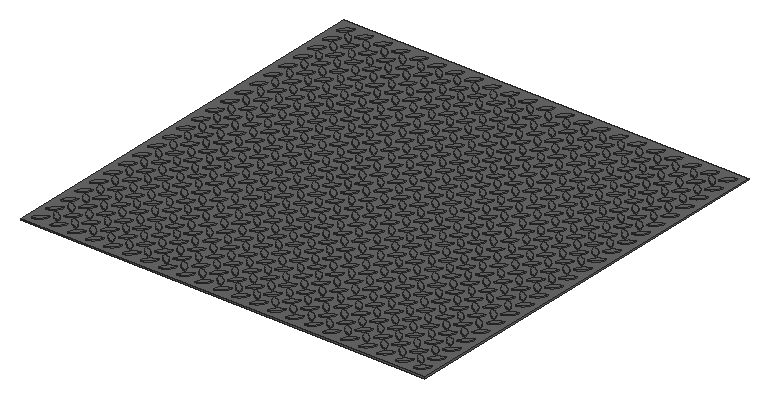
Revit family "141012021113804", category Modelos genéricos, Revit 2018 (continued)
Forms (mm)
  Blend 183, solid, material "Goma negro" <- "Material", detail levels fine
    base sketch origin (403.555, 485.994, 0) x (0.707107, -0.707107, 0) y (0.707107, 0.707107, 0)
      loop
        arc (794.539, -290.22) -> (793.684, -289.773) -> (792.83, -290.22) r 1.041
    top sketch origin (403.555, 485.994, 0) x (0.707107, -0.707107, 0) y (0.707107, 0.707107, 0)
      loop
        arc (792.83, -290.22) -> (787.479, -307.273) -> (792.83, -324.327) r 29.852
        arc (792.83, -324.327) -> (793.684, -324.773) -> (794.539, -324.327) r 1.041
        arc (794.539, -324.327) -> (799.889, -307.273) -> (794.539, -290.22) r 29.852
        arc (794.539, -290.22) -> (793.684, -289.773) -> (792.83, -290.22) r 1.041
    from 0 to 1
  Blend 184, solid, material "Goma negro" <- "Material", detail levels fine
    base sketch origin (1548.494, 73.945, 0) x (-0.707107, -0.707107, 0) y (0.707107, -0.707107, 0)
      loop
        arc (792.83, -290.22) -> (787.479, -307.273) -> (792.83, -324.327) r 29.852
        arc (792.83, -324.327) -> (793.684, -324.773) -> (794.539, -324.327) r 1.041
        arc (794.539, -324.327) -> (799.889, -307.273) -> (794.539, -290.22) r 29.852
        arc (794.539, -290.22) -> (793.684, -289.773) -> (792.83, -290.22) r 1.041
    top sketch origin (1548.494, 73.945, 0) x (-0.707107, -0.707107, 0) y (0.707107, -0.707107, 0)
      loop
        arc (792.83, -290.22) -> (787.479, -307.273) -> (792.83, -324.327) r 29.852
        arc (792.83, -324.327) -> (793.684, -324.773) -> (794.539, -324.327) r 1.041
        arc (794.539, -324.327) -> (799.889, -307.273) -> (794.539, -290.22) r 29.852
        arc (794.539, -290.22) -> (793.684, -289.773) -> (792.83, -290.22) r 1.041
    from 0 to 1
  Blend 185, solid, material "Goma negro" <- "Material", detail levels fine
    base sketch origin (358.555, 485.994, 0) x (0.707107, -0.707107, 0) y (0.707107, 0.707107, 0)
      loop
        arc (792.83, -290.22) -> (787.479, -307.273) -> (792.83, -324.327) r 29.852
        arc (792.83, -324.327) -> (793.684, -324.773) -> (794.539, -324.327) r 1.041
        arc (794.539, -324.327) -> (799.889, -307.273) -> (794.539, -290.22) r 29.852
        arc (794.539, -290.22) -> (793.684, -289.773) -> (792.83, -290.22) r 1.041
    top sketch origin (358.555, 485.994, 0) x (0.707107, -0.707107, 0) y (0.707107, 0.707107, 0)
      loop
        arc (792.83, -290.22) -> (787.479, -307.273) -> (792.83, -324.327) r 29.852
        arc (792.83, -324.327) -> (793.684, -324.773) -> (794.539, -324.327) r 1.041
        arc (794.539, -324.327) -> (799.889, -307.273) -> (794.539, -290.22) r 29.852
        arc (794.539, -290.22) -> (793.684, -289.773) -> (792.83, -290.22) r 1.041
    from 0 to 1
  Blend 186, solid, material "Goma negro" <- "Material", detail levels fine
    base sketch origin (1503.494, 73.945, 0) x (-0.707107, -0.707107, 0) y (0.707107, -0.707107, 0)
      loop
        arc (792.83, -290.22) -> (787.479, -307.273) -> (792.83, -324.327) r 29.852
        arc (792.83, -324.327) -> (793.684, -324.773) -> (794.539, -324.327) r 1.041
        arc (794.539, -324.327) -> (799.889, -307.273) -> (794.539, -290.22) r 29.852
        arc (794.539, -290.22) -> (793.684, -289.773) -> (792.83, -290.22) r 1.041
    top sketch origin (1503.494, 73.945, 0) x (-0.707107, -0.707107, 0) y (0.707107, -0.707107, 0)
      loop
        arc (792.83, -290.22) -> (787.479, -307.273) -> (792.83, -324.327) r 29.852
        arc (792.83, -324.327) -> (793.684, -324.773) -> (794.539, -324.327) r 1.041
        arc (794.539, -324.327) -> (799.889, -307.273) -> (794.539, -290.22) r 29.852
        arc (794.539, -290.22) -> (793.684, -289.773) -> (792.83, -290.22) r 1.041
    from 0 to 1
  Blend 187, solid, material "Goma negro" <- "Material", detail levels fine
    base sketch origin (313.555, 485.994, 0) x (0.707107, -0.707107, 0) y (0.707107, 0.707107, 0)
      loop
        arc (792.83, -290.22) -> (787.479, -307.273) -> (792.83, -324.327) r 29.852
        arc (792.83, -324.327) -> (793.684, -324.773) -> (794.539, -324.327) r 1.041
        arc (794.539, -324.327) -> (799.889, -307.273) -> (794.539, -290.22) r 29.852
        arc (794.539, -290.22) -> (793.684, -289.773) -> (792.83, -290.22) r 1.041
    top sketch origin (313.555, 485.994, 0) x (0.707107, -0.707107, 0) y (0.707107, 0.707107, 0)
      loop
        arc (792.83, -290.22) -> (787.479, -307.273) -> (792.83, -324.327) r 29.852
        arc (792.83, -324.327) -> (793.684, -324.773) -> (794.539, -324.327) r 1.041
        arc (794.539, -324.327) -> (799.889, -307.273) -> (794.539, -290.22) r 29.852
        arc (794.539, -290.22) -> (793.684, -289.773) -> (792.83, -290.22) r 1.041
    from 0 to 1
  Blend 188, solid, material "Goma negro" <- "Material", detail levels fine
    base sketch origin (1458.494, 73.945, 0) x (-0.707107, -0.707107, 0) y (0.707107, -0.707107, 0)
      loop
        arc (792.83, -290.22) -> (787.479, -307.273) -> (792.83, -324.327) r 29.852
        arc (792.83, -324.327) -> (793.684, -324.773) -> (794.539, -324.327) r 1.041
        arc (794.539, -324.327) -> (799.889, -307.273) -> (794.539, -290.22) r 29.852
        arc (794.539, -290.22) -> (793.684, -289.773) -> (792.83, -290.22) r 1.041
    top sketch origin (1458.494, 73.945, 0) x (-0.707107, -0.707107, 0) y (0.707107, -0.707107, 0)
      loop
        arc (792.83, -290.22) -> (787.479, -307.273) -> (792.83, -324.327) r 29.852
        arc (792.83, -324.327) -> (793.684, -324.773) -> (794.539, -324.327) r 1.041
        arc (794.539, -324.327) -> (799.889, -307.273) -> (794.539, -290.22) r 29.852
        arc (794.539, -290.22) -> (793.684, -289.773) -> (792.83, -290.22) r 1.041
    from 0 to 1
  Blend 189, solid, material "Goma negro" <- "Material", detail levels fine
    base sketch origin (268.555, 485.994, 0) x (0.707107, -0.707107, 0) y (0.707107, 0.707107, 0)
      loop
        arc (792.83, -290.22) -> (787.479, -307.273) -> (792.83, -324.327) r 29.852
        arc (792.83, -324.327) -> (793.684, -324.773) -> (794.539, -324.327) r 1.041
        arc (794.539, -324.327) -> (799.889, -307.273) -> (794.539, -290.22) r 29.852
        arc (794.539, -290.22) -> (793.684, -289.773) -> (792.83, -290.22) r 1.041
    top sketch origin (268.555, 485.994, 0) x (0.707107, -0.707107, 0) y (0.707107, 0.707107, 0)
      loop
        arc (792.83, -290.22) -> (787.479, -307.273) -> (792.83, -324.327) r 29.852
        arc (792.83, -324.327) -> (793.684, -324.773) -> (794.539, -324.327) r 1.041
        arc (794.539, -324.327) -> (799.889, -307.273) -> (794.539, -290.22) r 29.852
        arc (794.539, -290.22) -> (793.684, -289.773) -> (792.83, -290.22) r 1.041
    from 0 to 1
  Blend 190, solid, material "Goma negro" <- "Material", detail levels fine
    base sketch origin (1413.494, 73.945, 0) x (-0.707107, -0.707107, 0) y (0.707107, -0.707107, 0)
      loop
        arc (792.83, -290.22) -> (787.479, -307.273) -> (792.83, -324.327) r 29.852
        arc (792.83, -324.327) -> (793.684, -324.773) -> (794.539, -324.327) r 1.041
        arc (794.539, -324.327) -> (799.889, -307.273) -> (794.539, -290.22) r 29.852
        arc (794.539, -290.22) -> (793.684, -289.773) -> (792.83, -290.22) r 1.041
    top sketch origin (1413.494, 73.945, 0) x (-0.707107, -0.707107, 0) y (0.707107, -0.707107, 0)
      loop
        arc (792.83, -290.22) -> (787.479, -307.273) -> (792.83, -324.327) r 29.852
        arc (792.83, -324.327) -> (793.684, -324.773) -> (794.539, -324.327) r 1.041
        arc (794.539, -324.327) -> (799.889, -307.273) -> (794.539, -290.22) r 29.852
        arc (794.539, -290.22) -> (793.684, -289.773) -> (792.83, -290.22) r 1.041
    from 0 to 1
  Blend 191, solid, material "Goma negro" <- "Material", detail levels fine
    base sketch origin (223.555, 485.994, 0) x (0.707107, -0.707107, 0) y (0.707107, 0.707107, 0)
      loop
        arc (792.83, -290.22) -> (787.479, -307.273) -> (792.83, -324.327) r 29.852
        arc (792.83, -324.327) -> (793.684, -324.773) -> (794.539, -324.327) r 1.041
        arc (794.539, -324.327) -> (799.889, -307.273) -> (794.539, -290.22) r 29.852
        arc (794.539, -290.22) -> (793.684, -289.773) -> (792.83, -290.22) r 1.041
    top sketch origin (223.555, 485.994, 0) x (0.707107, -0.707107, 0) y (0.707107, 0.707107, 0)
      loop
        arc (792.83, -290.22) -> (787.479, -307.273) -> (792.83, -324.327) r 29.852
        arc (792.83, -324.327) -> (793.684, -324.773) -> (794.539, -324.327) r 1.041
        arc (794.539, -324.327) -> (799.889, -307.273) -> (794.539, -290.22) r 29.852
        arc (794.539, -290.22) -> (793.684, -289.773) -> (792.83, -290.22) r 1.041
    from 0 to 1
  Blend 192, solid, material "Goma negro" <- "Material", detail levels fine
    base sketch origin (1368.494, 73.945, 0) x (-0.707107, -0.707107, 0) y (0.707107, -0.707107, 0)
      loop
        arc (792.83, -290.22) -> (787.479, -307.273) -> (792.83, -324.327) r 29.852
        arc (792.83, -324.327) -> (793.684, -324.773) -> (794.539, -324.327) r 1.041
        arc (794.539, -324.327) -> (799.889, -307.273) -> (794.539, -290.22) r 29.852
        arc (794.539, -290.22) -> (793.684, -289.773) -> (792.83, -290.22) r 1.041
    top sketch origin (1368.494, 73.945, 0) x (-0.707107, -0.707107, 0) y (0.707107, -0.707107, 0)
      loop
        arc (792.83, -290.22) -> (787.479, -307.273) -> (792.83, -324.327) r 29.852
        arc (792.83, -324.327) -> (793.684, -324.773) -> (794.539, -324.327) r 1.041
        arc (794.539, -324.327) -> (799.889, -307.273) -> (794.539, -290.22) r 29.852
        arc (794.539, -290.22) -> (793.684, -289.773) -> (792.83, -290.22) r 1.041
    from 0 to 1
  Blend 193, solid, material "Goma negro" <- "Material", detail levels fine
    base sketch origin (178.555, 485.994, 0) x (0.707107, -0.707107, 0) y (0.707107, 0.707107, 0)
      loop
        arc (792.83, -290.22) -> (787.479, -307.273) -> (792.83, -324.327) r 29.852
        arc (792.83, -324.327) -> (793.684, -324.773) -> (794.539, -324.327) r 1.041
        arc (794.539, -324.327) -> (799.889, -307.273) -> (794.539, -290.22) r 29.852
        arc (794.539, -290.22) -> (793.684, -289.773) -> (792.83, -290.22) r 1.041
    top sketch origin (178.555, 485.994, 0) x (0.707107, -0.707107, 0) y (0.707107, 0.707107, 0)
      loop
        arc (792.83, -290.22) -> (787.479, -307.273) -> (792.83, -324.327) r 29.852
        arc (792.83, -324.327) -> (793.684, -324.773) -> (794.539, -324.327) r 1.041
        arc (794.539, -324.327) -> (799.889, -307.273) -> (794.539, -290.22) r 29.852
        arc (794.539, -290.22) -> (793.684, -289.773) -> (792.83, -290.22) r 1.041
    from 0 to 1
  Blend 194, solid, material "Goma negro" <- "Material", detail levels fine
    base sketch origin (1323.494, 73.945, 0) x (-0.707107, -0.707107, 0) y (0.707107, -0.707107, 0)
      loop
        arc (792.83, -290.22) -> (787.479, -307.273) -> (792.83, -324.327) r 29.852
        arc (792.83, -324.327) -> (793.684, -324.773) -> (794.539, -324.327) r 1.041
        arc (794.539, -324.327) -> (799.889, -307.273) -> (794.539, -290.22) r 29.852
        arc (794.539, -290.22) -> (793.684, -289.773) -> (792.83, -290.22) r 1.041
    top sketch origin (1323.494, 73.945, 0) x (-0.707107, -0.707107, 0) y (0.707107, -0.707107, 0)
      loop
        arc (792.83, -290.22) -> (787.479, -307.273) -> (792.83, -324.327) r 29.852
        arc (792.83, -324.327) -> (793.684, -324.773) -> (794.539, -324.327) r 1.041
        arc (794.539, -324.327) -> (799.889, -307.273) -> (794.539, -290.22) r 29.852
        arc (794.539, -290.22) -> (793.684, -289.773) -> (792.83, -290.22) r 1.041
    from 0 to 1
  Blend 195, solid, material "Goma negro" <- "Material", detail levels fine
    base sketch origin (133.555, 485.994, 0) x (0.707107, -0.707107, 0) y (0.707107, 0.707107, 0)
      loop
        arc (792.83, -290.22) -> (787.479, -307.273) -> (792.83, -324.327) r 29.852
        arc (792.83, -324.327) -> (793.684, -324.773) -> (794.539, -324.327) r 1.041
        arc (794.539, -324.327) -> (799.889, -307.273) -> (794.539, -290.22) r 29.852
        arc (794.539, -290.22) -> (793.684, -289.773) -> (792.83, -290.22) r 1.041
    top sketch origin (133.555, 485.994, 0) x (0.707107, -0.707107, 0) y (0.707107, 0.707107, 0)
      loop
        arc (792.83, -290.22) -> (787.479, -307.273) -> (792.83, -324.327) r 29.852
        arc (792.83, -324.327) -> (793.684, -324.773) -> (794.539, -324.327) r 1.041
        arc (794.539, -324.327) -> (799.889, -307.273) -> (794.539, -290.22) r 29.852
        arc (794.539, -290.22) -> (793.684, -289.773) -> (792.83, -290.22) r 1.041
    from 0 to 1
  Blend 196, solid, material "Goma negro" <- "Material", detail levels fine
    base sketch origin (1278.494, 73.945, 0) x (-0.707107, -0.707107, 0) y (0.707107, -0.707107, 0)
      loop
        arc (792.83, -290.22) -> (787.479, -307.273) -> (792.83, -324.327) r 29.852
        arc (792.83, -324.327) -> (793.684, -324.773) -> (794.539, -324.327) r 1.041
        arc (794.539, -324.327) -> (799.889, -307.273) -> (794.539, -290.22) r 29.852
        arc (794.539, -290.22) -> (793.684, -289.773) -> (792.83, -290.22) r 1.041
    top sketch origin (1278.494, 73.945, 0) x (-0.707107, -0.707107, 0) y (0.707107, -0.707107, 0)
      loop
        arc (792.83, -290.22) -> (787.479, -307.273) -> (792.83, -324.327) r 29.852
        arc (792.83, -324.327) -> (793.684, -324.773) -> (794.539, -324.327) r 1.041
        arc (794.539, -324.327) -> (799.889, -307.273) -> (794.539, -290.22) r 29.852
        arc (794.539, -290.22) -> (793.684, -289.773) -> (792.83, -290.22) r 1.041
    from 0 to 1
  Blend 197, solid, material "Goma negro" <- "Material", detail levels fine
    base sketch origin (88.555, 485.994, 0) x (0.707107, -0.707107, 0) y (0.707107, 0.707107, 0)
      loop
        arc (792.83, -290.22) -> (787.479, -307.273) -> (792.83, -324.327) r 29.852
        arc (792.83, -324.327) -> (793.684, -324.773) -> (794.539, -324.327) r 1.041
        arc (794.539, -324.327) -> (799.889, -307.273) -> (794.539, -290.22) r 29.852
        arc (794.539, -290.22) -> (793.684, -289.773) -> (792.83, -290.22) r 1.041
    top sketch origin (88.555, 485.994, 0) x (0.707107, -0.707107, 0) y (0.707107, 0.707107, 0)
      loop
        arc (792.83, -290.22) -> (787.479, -307.273) -> (792.83, -324.327) r 29.852
        arc (792.83, -324.327) -> (793.684, -324.773) -> (794.539, -324.327) r 1.041
        arc (794.539, -324.327) -> (799.889, -307.273) -> (794.539, -290.22) r 29.852
        arc (794.539, -290.22) -> (793.684, -289.773) -> (792.83, -290.22) r 1.041
    from 0 to 1
  Blend 198, solid, material "Goma negro" <- "Material", detail levels fine
    base sketch origin (1233.494, 73.945, 0) x (-0.707107, -0.707107, 0) y (0.707107, -0.707107, 0)
      loop
        arc (792.83, -290.22) -> (787.479, -307.273) -> (792.83, -324.327) r 29.852
        arc (792.83, -324.327) -> (793.684, -324.773) -> (794.539, -324.327) r 1.041
        arc (794.539, -324.327) -> (799.889, -307.273) -> (794.539, -290.22) r 29.852
        arc (794.539, -290.22) -> (793.684, -289.773) -> (792.83, -290.22) r 1.041
    top sketch origin (1233.494, 73.945, 0) x (-0.707107, -0.707107, 0) y (0.707107, -0.707107, 0)
      loop
        arc (792.83, -290.22) -> (787.479, -307.273) -> (792.83, -324.327) r 29.852
        arc (792.83, -324.327) -> (793.684, -324.773) -> (794.539, -324.327) r 1.041
        arc (794.539, -324.327) -> (799.889, -307.273) -> (794.539, -290.22) r 29.852
        arc (794.539, -290.22) -> (793.684, -289.773) -> (792.83, -290.22) r 1.041
    from 0 to 1
  Blend 199, solid, material "Goma negro" <- "Material", detail levels fine
    base sketch origin (43.555, 485.994, 0) x (0.707107, -0.707107, 0) y (0.707107, 0.707107, 0)
      loop
        arc (792.83, -290.22) -> (787.479, -307.273) -> (792.83, -324.327) r 29.852
        arc (792.83, -324.327) -> (793.684, -324.773) -> (794.539, -324.327) r 1.041
        arc (794.539, -324.327) -> (799.889, -307.273) -> (794.539, -290.22) r 29.852
        arc (794.539, -290.22) -> (793.684, -289.773) -> (792.83, -290.22) r 1.041
    top sketch origin (43.555, 485.994, 0) x (0.707107, -0.707107, 0) y (0.707107, 0.707107, 0)
      loop
        arc (792.83, -290.22) -> (787.479, -307.273) -> (792.83, -324.327) r 29.852
        arc (792.83, -324.327) -> (793.684, -324.773) -> (794.539, -324.327) r 1.041
        arc (794.539, -324.327) -> (799.889, -307.273) -> (794.539, -290.22) r 29.852
        arc (794.539, -290.22) -> (793.684, -289.773) -> (792.83, -290.22) r 1.041
    from 0 to 1
  Blend 200, solid, material "Goma negro" <- "Material", detail levels fine
    base sketch origin (1188.494, 73.945, 0) x (-0.707107, -0.707107, 0) y (0.707107, -0.707107, 0)
      loop
        arc (792.83, -290.22) -> (787.479, -307.273) -> (792.83, -324.327) r 29.852
        arc (792.83, -324.327) -> (793.684, -324.773) -> (794.539, -324.327) r 1.041
        arc (794.539, -324.327) -> (799.889, -307.273) -> (794.539, -290.22) r 29.852
        arc (794.539, -290.22) -> (793.684, -289.773) -> (792.83, -290.22) r 1.041
    top sketch origin (1188.494, 73.945, 0) x (-0.707107, -0.707107, 0) y (0.707107, -0.707107, 0)
      loop
        arc (792.83, -290.22) -> (787.479, -307.273) -> (792.83, -324.327) r 29.852
        arc (792.83, -324.327) -> (793.684, -324.773) -> (794.539, -324.327) r 1.041
        arc (794.539, -324.327) -> (799.889, -307.273) -> (794.539, -290.22) r 29.852
        arc (794.539, -290.22) -> (793.684, -289.773) -> (792.83, -290.22) r 1.041
    from 0 to 1
  Blend 201, solid, material "Goma negro" <- "Material", detail levels fine
    base sketch origin (-1.445, 485.994, 0) x (0.707107, -0.707107, 0) y (0.707107, 0.707107, 0)
      loop
        arc (792.83, -290.22) -> (787.479, -307.273) -> (792.83, -324.327) r 29.852
        arc (792.83, -324.327) -> (793.684, -324.773) -> (794.539, -324.327) r 1.041
        arc (794.539, -324.327) -> (799.889, -307.273) -> (794.539, -290.22) r 29.852
        arc (794.539, -290.22) -> (793.684, -289.773) -> (792.83, -290.22) r 1.041
    top sketch origin (-1.445, 485.994, 0) x (0.707107, -0.707107, 0) y (0.707107, 0.707107, 0)
      loop
        arc (792.83, -290.22) -> (787.479, -307.273) -> (792.83, -324.327) r 29.852
        arc (792.83, -324.327) -> (793.684, -324.773) -> (794.539, -324.327) r 1.041
        arc (794.539, -324.327) -> (799.889, -307.273) -> (794.539, -290.22) r 29.852
        arc (794.539, -290.22) -> (793.684, -289.773) -> (792.83, -290.22) r 1.041
    from 0 to 1
  Blend 202, solid, material "Goma negro" <- "Material", detail levels fine
    base sketch origin (1143.494, 73.945, 0) x (-0.707107, -0.707107, 0) y (0.707107, -0.707107, 0)
      loop
        arc (792.83, -290.22) -> (787.479, -307.273) -> (792.83, -324.327) r 29.852
        arc (792.83, -324.327) -> (793.684, -324.773) -> (794.539, -324.327) r 1.041
        arc (794.539, -324.327) -> (799.889, -307.273) -> (794.539, -290.22) r 29.852
        arc (794.539, -290.22) -> (793.684, -289.773) -> (792.83, -290.22) r 1.041
    top sketch origin (1143.494, 73.945, 0) x (-0.707107, -0.707107, 0) y (0.707107, -0.707107, 0)
      loop
        arc (792.83, -290.22) -> (787.479, -307.273) -> (792.83, -324.327) r 29.852
        arc (792.83, -324.327) -> (793.684, -324.773) -> (794.539, -324.327) r 1.041
        arc (794.539, -324.327) -> (799.889, -307.273) -> (794.539, -290.22) r 29.852
        arc (794.539, -290.22) -> (793.684, -289.773) -> (792.83, -290.22) r 1.041
    from 0 to 1
  Blend 203, solid, material "Goma negro" <- "Material", detail levels fine
    base sketch origin (-46.445, 485.994, 0) x (0.707107, -0.707107, 0) y (0.707107, 0.707107, 0)
      loop
        arc (792.83, -290.22) -> (787.479, -307.273) -> (792.83, -324.327) r 29.852
        arc (792.83, -324.327) -> (793.684, -324.773) -> (794.539, -324.327) r 1.041
        arc (794.539, -324.327) -> (799.889, -307.273) -> (794.539, -290.22) r 29.852
        arc (794.539, -290.22) -> (793.684, -289.773) -> (792.83, -290.22) r 1.041
    top sketch origin (-46.445, 485.994, 0) x (0.707107, -0.707107, 0) y (0.707107, 0.707107, 0)
      loop
        arc (792.83, -290.22) -> (787.479, -307.273) -> (792.83, -324.327) r 29.852
        arc (792.83, -324.327) -> (793.684, -324.773) -> (794.539, -324.327) r 1.041
        arc (794.539, -324.327) -> (799.889, -307.273) -> (794.539, -290.22) r 29.852
        arc (794.539, -290.22) -> (793.684, -289.773) -> (792.83, -290.22) r 1.041
    from 0 to 1
  Blend 204, solid, material "Goma negro" <- "Material", detail levels fine
    base sketch origin (1098.494, 73.945, 0) x (-0.707107, -0.707107, 0) y (0.707107, -0.707107, 0)
      loop
        arc (792.83, -290.22) -> (787.479, -307.273) -> (792.83, -324.327) r 29.852
        arc (792.83, -324.327) -> (793.684, -324.773) -> (794.539, -324.327) r 1.041
        arc (794.539, -324.327) -> (799.889, -307.273) -> (794.539, -290.22) r 29.852
        arc (794.539, -290.22) -> (793.684, -289.773) -> (792.83, -290.22) r 1.041
    top sketch origin (1098.494, 73.945, 0) x (-0.707107, -0.707107, 0) y (0.707107, -0.707107, 0)
      loop
        arc (792.83, -290.22) -> (787.479, -307.273) -> (792.83, -324.327) r 29.852
        arc (792.83, -324.327) -> (793.684, -324.773) -> (794.539, -324.327) r 1.041
        arc (794.539, -324.327) -> (799.889, -307.273) -> (794.539, -290.22) r 29.852
        arc (794.539, -290.22) -> (793.684, -289.773) -> (792.83, -290.22) r 1.041
    from 0 to 1
  Blend 205, solid, material "Goma negro" <- "Material", detail levels fine
    base sketch origin (-91.445, 485.994, 0) x (0.707107, -0.707107, 0) y (0.707107, 0.707107, 0)
      loop
        arc (792.83, -290.22) -> (787.479, -307.273) -> (792.83, -324.327) r 29.852
        arc (792.83, -324.327) -> (793.684, -324.773) -> (794.539, -324.327) r 1.041
        arc (794.539, -324.327) -> (799.889, -307.273) -> (794.539, -290.22) r 29.852
        arc (794.539, -290.22) -> (793.684, -289.773) -> (792.83, -290.22) r 1.041
    top sketch origin (-91.445, 485.994, 0) x (0.707107, -0.707107, 0) y (0.707107, 0.707107, 0)
      loop
        arc (792.83, -290.22) -> (787.479, -307.273) -> (792.83, -324.327) r 29.852
        arc (792.83, -324.327) -> (793.684, -324.773) -> (794.539, -324.327) r 1.041
        arc (794.539, -324.327) -> (799.889, -307.273) -> (794.539, -290.22) r 29.852
        arc (794.539, -290.22) -> (793.684, -289.773) -> (792.83, -290.22) r 1.041
    from 0 to 1
  Blend 206, solid, material "Goma negro" <- "Material", detail levels fine
    base sketch origin (1053.494, 73.945, 0) x (-0.707107, -0.707107, 0) y (0.707107, -0.707107, 0)
      loop
        arc (792.83, -290.22) -> (787.479, -307.273) -> (792.83, -324.327) r 29.852
        arc (792.83, -324.327) -> (793.684, -324.773) -> (794.539, -324.327) r 1.041
        arc (794.539, -324.327) -> (799.889, -307.273) -> (794.539, -290.22) r 29.852
        arc (794.539, -290.22) -> (793.684, -289.773) -> (792.83, -290.22) r 1.041
    top sketch origin (1053.494, 73.945, 0) x (-0.707107, -0.707107, 0) y (0.707107, -0.707107, 0)
      loop
        arc (792.83, -290.22) -> (787.479, -307.273) -> (792.83, -324.327) r 29.852
        arc (792.83, -324.327) -> (793.684, -324.773) -> (794.539, -324.327) r 1.041
        arc (794.539, -324.327) -> (799.889, -307.273) -> (794.539, -290.22) r 29.852
        arc (794.539, -290.22) -> (793.684, -289.773) -> (792.83, -290.22) r 1.041
    from 0 to 1
  Blend 207, solid, material "Goma negro" <- "Material", detail levels fine
    base sketch origin (-136.445, 485.994, 0) x (0.707107, -0.707107, 0) y (0.707107, 0.707107, 0)
      loop
        arc (792.83, -290.22) -> (787.479, -307.273) -> (792.83, -324.327) r 29.852
        arc (792.83, -324.327) -> (793.684, -324.773) -> (794.539, -324.327) r 1.041
        arc (794.539, -324.327) -> (799.889, -307.273) -> (794.539, -290.22) r 29.852
        arc (794.539, -290.22) -> (793.684, -289.773) -> (792.83, -290.22) r 1.041
    top sketch origin (-136.445, 485.994, 0) x (0.707107, -0.707107, 0) y (0.707107, 0.707107, 0)
      loop
        arc (792.83, -290.22) -> (787.479, -307.273) -> (792.83, -324.327) r 29.852
        arc (792.83, -324.327) -> (793.684, -324.773) -> (794.539, -324.327) r 1.041
        arc (794.539, -324.327) -> (799.889, -307.273) -> (794.539, -290.22) r 29.852
        arc (794.539, -290.22) -> (793.684, -289.773) -> (792.83, -290.22) r 1.041
    from 0 to 1
  Blend 208, solid, material "Goma negro" <- "Material", detail levels fine
    base sketch origin (1008.494, 73.945, 0) x (-0.707107, -0.707107, 0) y (0.707107, -0.707107, 0)
      loop
        arc (792.83, -290.22) -> (787.479, -307.273) -> (792.83, -324.327) r 29.852
        arc (792.83, -324.327) -> (793.684, -324.773) -> (794.539, -324.327) r 1.041
        arc (794.539, -324.327) -> (799.889, -307.273) -> (794.539, -290.22) r 29.852
        arc (794.539, -290.22) -> (793.684, -289.773) -> (792.83, -290.22) r 1.041
    top sketch origin (1008.494, 73.945, 0) x (-0.707107, -0.707107, 0) y (0.707107, -0.707107, 0)
      loop
        arc (792.83, -290.22) -> (787.479, -307.273) -> (792.83, -324.327) r 29.852
        arc (792.83, -324.327) -> (793.684, -324.773) -> (794.539, -324.327) r 1.041
        arc (794.539, -324.327) -> (799.889, -307.273) -> (794.539, -290.22) r 29.852
        arc (794.539, -290.22) -> (793.684, -289.773) -> (792.83, -290.22) r 1.041
    from 0 to 1
  Blend 209, solid, material "Goma negro" <- "Material", detail levels fine
    base sketch origin (-181.445, 485.994, 0) x (0.707107, -0.707107, 0) y (0.707107, 0.707107, 0)
      loop
        arc (792.83, -290.22) -> (787.479, -307.273) -> (792.83, -324.327) r 29.852
        arc (792.83, -324.327) -> (793.684, -324.773) -> (794.539, -324.327) r 1.041
        arc (794.539, -324.327) -> (799.889, -307.273) -> (794.539, -290.22) r 29.852
        arc (794.539, -290.22) -> (793.684, -289.773) -> (792.83, -290.22) r 1.041
    top sketch origin (-181.445, 485.994, 0) x (0.707107, -0.707107, 0) y (0.707107, 0.707107, 0)
      loop
        arc (792.83, -290.22) -> (787.479, -307.273) -> (792.83, -324.327) r 29.852
        arc (792.83, -324.327) -> (793.684, -324.773) -> (794.539, -324.327) r 1.041
        arc (794.539, -324.327) -> (799.889, -307.273) -> (794.539, -290.22) r 29.852
        arc (794.539, -290.22) -> (793.684, -289.773) -> (792.83, -290.22) r 1.041
    from 0 to 1
  Blend 210, solid, material "Goma negro" <- "Material", detail levels fine
    base sketch origin (963.494, 73.945, 0) x (-0.707107, -0.707107, 0) y (0.707107, -0.707107, 0)
      loop
        arc (792.83, -290.22) -> (787.479, -307.273) -> (792.83, -324.327) r 29.852
        arc (792.83, -324.327) -> (793.684, -324.773) -> (794.539, -324.327) r 1.041
        arc (794.539, -324.327) -> (799.889, -307.273) -> (794.539, -290.22) r 29.852
        arc (794.539, -290.22) -> (793.684, -289.773) -> (792.83, -290.22) r 1.041
    top sketch origin (963.494, 73.945, 0) x (-0.707107, -0.707107, 0) y (0.707107, -0.707107, 0)
      loop
        arc (792.83, -290.22) -> (787.479, -307.273) -> (792.83, -324.327) r 29.852
        arc (792.83, -324.327) -> (793.684, -324.773) -> (794.539, -324.327) r 1.041
        arc (794.539, -324.327) -> (799.889, -307.273) -> (794.539, -290.22) r 29.852
        arc (794.539, -290.22) -> (793.684, -289.773) -> (792.83, -290.22) r 1.041
    from 0 to 1
  Blend 211, solid, material "Goma negro" <- "Material", detail levels fine
    base sketch origin (-226.445, 485.994, 0) x (0.707107, -0.707107, 0) y (0.707107, 0.707107, 0)
      loop
        arc (792.83, -290.22) -> (787.479, -307.273) -> (792.83, -324.327) r 29.852
        arc (792.83, -324.327) -> (793.684, -324.773) -> (794.539, -324.327) r 1.041
        arc (794.539, -324.327) -> (799.889, -307.273) -> (794.539, -290.22) r 29.852
        arc (794.539, -290.22) -> (793.684, -289.773) -> (792.83, -290.22) r 1.041
    top sketch origin (-226.445, 485.994, 0) x (0.707107, -0.707107, 0) y (0.707107, 0.707107, 0)
      loop
        arc (792.83, -290.22) -> (787.479, -307.273) -> (792.83, -324.327) r 29.852
        arc (792.83, -324.327) -> (793.684, -324.773) -> (794.539, -324.327) r 1.041
        arc (794.539, -324.327) -> (799.889, -307.273) -> (794.539, -290.22) r 29.852
        arc (794.539, -290.22) -> (793.684, -289.773) -> (792.83, -290.22) r 1.041
    from 0 to 1
  Blend 212, solid, material "Goma negro" <- "Material", detail levels fine
    base sketch origin (918.494, 73.945, 0) x (-0.707107, -0.707107, 0) y (0.707107, -0.707107, 0)
      loop
        arc (792.83, -290.22) -> (787.479, -307.273) -> (792.83, -324.327) r 29.852
        arc (792.83, -324.327) -> (793.684, -324.773) -> (794.539, -324.327) r 1.041
        arc (794.539, -324.327) -> (799.889, -307.273) -> (794.539, -290.22) r 29.852
        arc (794.539, -290.22) -> (793.684, -289.773) -> (792.83, -290.22) r 1.041
    top sketch origin (918.494, 73.945, 0) x (-0.707107, -0.707107, 0) y (0.707107, -0.707107, 0)
      loop
        arc (792.83, -290.22) -> (787.479, -307.273) -> (792.83, -324.327) r 29.852
        arc (792.83, -324.327) -> (793.684, -324.773) -> (794.539, -324.327) r 1.041
        arc (794.539, -324.327) -> (799.889, -307.273) -> (794.539, -290.22) r 29.852
        arc (794.539, -290.22) -> (793.684, -289.773) -> (792.83, -290.22) r 1.041
    from 0 to 1
  Blend 213, solid, material "Goma negro" <- "Material", detail levels fine
    base sketch origin (-271.445, 485.994, 0) x (0.707107, -0.707107, 0) y (0.707107, 0.707107, 0)
      loop
        arc (792.83, -290.22) -> (787.479, -307.273) -> (792.83, -324.327) r 29.852
        arc (792.83, -324.327) -> (793.684, -324.773) -> (794.539, -324.327) r 1.041
        arc (794.539, -324.327) -> (799.889, -307.273) -> (794.539, -290.22) r 29.852
        arc (794.539, -290.22) -> (793.684, -289.773) -> (792.83, -290.22) r 1.041
    top sketch origin (-271.445, 485.994, 0) x (0.707107, -0.707107, 0) y (0.707107, 0.707107, 0)
      loop
        arc (792.83, -290.22) -> (787.479, -307.273) -> (792.83, -324.327) r 29.852
        arc (792.83, -324.327) -> (793.684, -324.773) -> (794.539, -324.327) r 1.041
        arc (794.539, -324.327) -> (799.889, -307.273) -> (794.539, -290.22) r 29.852
        arc (794.539, -290.22) -> (793.684, -289.773) -> (792.83, -290.22) r 1.041
    from 0 to 1
  Blend 214, solid, material "Goma negro" <- "Material", detail levels fine
    base sketch origin (873.494, 73.945, 0) x (-0.707107, -0.707107, 0) y (0.707107, -0.707107, 0)
      loop
        arc (792.83, -290.22) -> (787.479, -307.273) -> (792.83, -324.327) r 29.852
        arc (792.83, -324.327) -> (793.684, -324.773) -> (794.539, -324.327) r 1.041
        arc (794.539, -324.327) -> (799.889, -307.273) -> (794.539, -290.22) r 29.852
        arc (794.539, -290.22) -> (793.684, -289.773) -> (792.83, -290.22) r 1.041
    top sketch origin (873.494, 73.945, 0) x (-0.707107, -0.707107, 0) y (0.707107, -0.707107, 0)
      loop
        arc (792.83, -290.22) -> (787.479, -307.273) -> (792.83, -324.327) r 29.852
        arc (792.83, -324.327) -> (793.684, -324.773) -> (794.539, -324.327) r 1.041
        arc (794.539, -324.327) -> (799.889, -307.273) -> (794.539, -290.22) r 29.852
        arc (794.539, -290.22) -> (793.684, -289.773) -> (792.83, -290.22) r 1.041
    from 0 to 1
  Blend 215, solid, material "Goma negro" <- "Material", detail levels fine
    base sketch origin (-316.445, 485.994, 0) x (0.707107, -0.707107, 0) y (0.707107, 0.707107, 0)
      loop
        arc (792.83, -290.22) -> (787.479, -307.273) -> (792.83, -324.327) r 29.852
        arc (792.83, -324.327) -> (793.684, -324.773) -> (794.539, -324.327) r 1.041
        arc (794.539, -324.327) -> (799.889, -307.273) -> (794.539, -290.22) r 29.852
        arc (794.539, -290.22) -> (793.684, -289.773) -> (792.83, -290.22) r 1.041
    top sketch origin (-316.445, 485.994, 0) x (0.707107, -0.707107, 0) y (0.707107, 0.707107, 0)
      loop
        arc (792.83, -290.22) -> (787.479, -307.273) -> (792.83, -324.327) r 29.852
        arc (792.83, -324.327) -> (793.684, -324.773) -> (794.539, -324.327) r 1.041
        arc (794.539, -324.327) -> (799.889, -307.273) -> (794.539, -290.22) r 29.852
        arc (794.539, -290.22) -> (793.684, -289.773) -> (792.83, -290.22) r 1.041
    from 0 to 1
  Blend 216, solid, material "Goma negro" <- "Material", detail levels fine
    base sketch origin (828.494, 73.945, 0) x (-0.707107, -0.707107, 0) y (0.707107, -0.707107, 0)
      loop
        arc (792.83, -290.22) -> (787.479, -307.273) -> (792.83, -324.327) r 29.852
        arc (792.83, -324.327) -> (793.684, -324.773) -> (794.539, -324.327) r 1.041
        arc (794.539, -324.327) -> (799.889, -307.273) -> (794.539, -290.22) r 29.852
        arc (794.539, -290.22) -> (793.684, -289.773) -> (792.83, -290.22) r 1.041
    top sketch origin (828.494, 73.945, 0) x (-0.707107, -0.707107, 0) y (0.707107, -0.707107, 0)
      loop
        arc (792.83, -290.22) -> (787.479, -307.273) -> (792.83, -324.327) r 29.852
        arc (792.83, -324.327) -> (793.684, -324.773) -> (794.539, -324.327) r 1.041
        arc (794.539, -324.327) -> (799.889, -307.273) -> (794.539, -290.22) r 29.852
        arc (794.539, -290.22) -> (793.684, -289.773) -> (792.83, -290.22) r 1.041
    from 0 to 1
  Blend 217, solid, material "Goma negro" <- "Material", detail levels fine
    base sketch origin (628.555, 530.994, 0) x (0.707107, -0.707107, 0) y (0.707107, 0.707107, 0)
      loop
        arc (792.83, -290.22) -> (787.479, -307.273) -> (792.83, -324.327) r 29.852
        arc (792.83, -324.327) -> (793.684, -324.773) -> (794.539, -324.327) r 1.041
        arc (794.539, -324.327) -> (799.889, -307.273) -> (794.539, -290.22) r 29.852
        arc (794.539, -290.22) -> (793.684, -289.773) -> (792.83, -290.22) r 1.041
    top sketch origin (628.555, 530.994, 0) x (0.707107, -0.707107, 0) y (0.707107, 0.707107, 0)
      loop
        arc (792.83, -290.22) -> (787.479, -307.273) -> (792.83, -324.327) r 29.852
        arc (792.83, -324.327) -> (793.684, -324.773) -> (794.539, -324.327) r 1.041
        arc (794.539, -324.327) -> (799.889, -307.273) -> (794.539, -290.22) r 29.852
        arc (794.539, -290.22) -> (793.684, -289.773) -> (792.83, -290.22) r 1.041
    from 0 to 1
  Blend 218, solid, material "Goma negro" <- "Material", detail levels fine
    base sketch origin (583.555, 530.994, 0) x (0.707107, -0.707107, 0) y (0.707107, 0.707107, 0)
      loop
        arc (792.83, -290.22) -> (787.479, -307.273) -> (792.83, -324.327) r 29.852
        arc (792.83, -324.327) -> (793.684, -324.773) -> (794.539, -324.327) r 1.041
        arc (794.539, -324.327) -> (799.889, -307.273) -> (794.539, -290.22) r 29.852
        arc (794.539, -290.22) -> (793.684, -289.773) -> (792.83, -290.22) r 1.041
    top sketch origin (583.555, 530.994, 0) x (0.707107, -0.707107, 0) y (0.707107, 0.707107, 0)
      loop
        arc (792.83, -290.22) -> (787.479, -307.273) -> (792.83, -324.327) r 29.852
        arc (792.83, -324.327) -> (793.684, -324.773) -> (794.539, -324.327) r 1.041
        arc (794.539, -324.327) -> (799.889, -307.273) -> (794.539, -290.22) r 29.852
        arc (794.539, -290.22) -> (793.684, -289.773) -> (792.83, -290.22) r 1.041
    from 0 to 1
  Blend 219, solid, material "Goma negro" <- "Material", detail levels fine
    base sketch origin (1728.494, 118.945, 0) x (-0.707107, -0.707107, 0) y (0.707107, -0.707107, 0)
      loop
        arc (792.83, -290.22) -> (787.479, -307.273) -> (792.83, -324.327) r 29.852
        arc (792.83, -324.327) -> (793.684, -324.773) -> (794.539, -324.327) r 1.041
        arc (794.539, -324.327) -> (799.889, -307.273) -> (794.539, -290.22) r 29.852
        arc (794.539, -290.22) -> (793.684, -289.773) -> (792.83, -290.22) r 1.041
    top sketch origin (1728.494, 118.945, 0) x (-0.707107, -0.707107, 0) y (0.707107, -0.707107, 0)
      loop
        arc (792.83, -290.22) -> (787.479, -307.273) -> (792.83, -324.327) r 29.852
        arc (792.83, -324.327) -> (793.684, -324.773) -> (794.539, -324.327) r 1.041
        arc (794.539, -324.327) -> (799.889, -307.273) -> (794.539, -290.22) r 29.852
        arc (794.539, -290.22) -> (793.684, -289.773) -> (792.83, -290.22) r 1.041
    from 0 to 1
  Blend 220, solid, material "Goma negro" <- "Material", detail levels fine
    base sketch origin (538.555, 530.994, 0) x (0.707107, -0.707107, 0) y (0.707107, 0.707107, 0)
      loop
        arc (792.83, -290.22) -> (787.479, -307.273) -> (792.83, -324.327) r 29.852
        arc (792.83, -324.327) -> (793.684, -324.773) -> (794.539, -324.327) r 1.041
        arc (794.539, -324.327) -> (799.889, -307.273) -> (794.539, -290.22) r 29.852
        arc (794.539, -290.22) -> (793.684, -289.773) -> (792.83, -290.22) r 1.041
    top sketch origin (538.555, 530.994, 0) x (0.707107, -0.707107, 0) y (0.707107, 0.707107, 0)
      loop
        arc (792.83, -290.22) -> (787.479, -307.273) -> (792.83, -324.327) r 29.852
        arc (792.83, -324.327) -> (793.684, -324.773) -> (794.539, -324.327) r 1.041
        arc (794.539, -324.327) -> (799.889, -307.273) -> (794.539, -290.22) r 29.852
        arc (794.539, -290.22) -> (793.684, -289.773) -> (792.83, -290.22) r 1.041
    from 0 to 1
  Blend 221, solid, material "Goma negro" <- "Material", detail levels fine
    base sketch origin (1683.494, 118.945, 0) x (-0.707107, -0.707107, 0) y (0.707107, -0.707107, 0)
      loop
        arc (792.83, -290.22) -> (787.479, -307.273) -> (792.83, -324.327) r 29.852
        arc (792.83, -324.327) -> (793.684, -324.773) -> (794.539, -324.327) r 1.041
        arc (794.539, -324.327) -> (799.889, -307.273) -> (794.539, -290.22) r 29.852
        arc (794.539, -290.22) -> (793.684, -289.773) -> (792.83, -290.22) r 1.041
    top sketch origin (1683.494, 118.945, 0) x (-0.707107, -0.707107, 0) y (0.707107, -0.707107, 0)
      loop
        arc (792.83, -290.22) -> (787.479, -307.273) -> (792.83, -324.327) r 29.852
        arc (792.83, -324.327) -> (793.684, -324.773) -> (794.539, -324.327) r 1.041
        arc (794.539, -324.327) -> (799.889, -307.273) -> (794.539, -290.22) r 29.852
        arc (794.539, -290.22) -> (793.684, -289.773) -> (792.83, -290.22) r 1.041
    from 0 to 1
  Blend 222, solid, material "Goma negro" <- "Material", detail levels fine
    base sketch origin (493.555, 530.994, 0) x (0.707107, -0.707107, 0) y (0.707107, 0.707107, 0)
      loop
        arc (792.83, -290.22) -> (787.479, -307.273) -> (792.83, -324.327) r 29.852
        arc (792.83, -324.327) -> (793.684, -324.773) -> (794.539, -324.327) r 1.041
        arc (794.539, -324.327) -> (799.889, -307.273) -> (794.539, -290.22) r 29.852
        arc (794.539, -290.22) -> (793.684, -289.773) -> (792.83, -290.22) r 1.041
    top sketch origin (493.555, 530.994, 0) x (0.707107, -0.707107, 0) y (0.707107, 0.707107, 0)
      loop
        arc (792.83, -290.22) -> (787.479, -307.273) -> (792.83, -324.327) r 29.852
        arc (792.83, -324.327) -> (793.684, -324.773) -> (794.539, -324.327) r 1.041
        arc (794.539, -324.327) -> (799.889, -307.273) -> (794.539, -290.22) r 29.852
        arc (794.539, -290.22) -> (793.684, -289.773) -> (792.83, -290.22) r 1.041
    from 0 to 1
  Blend 223, solid, material "Goma negro" <- "Material", detail levels fine
    base sketch origin (1638.494, 118.945, 0) x (-0.707107, -0.707107, 0) y (0.707107, -0.707107, 0)
      loop
        arc (792.83, -290.22) -> (787.479, -307.273) -> (792.83, -324.327) r 29.852
        arc (792.83, -324.327) -> (793.684, -324.773) -> (794.539, -324.327) r 1.041
        arc (794.539, -324.327) -> (799.889, -307.273) -> (794.539, -290.22) r 29.852
        arc (794.539, -290.22) -> (793.684, -289.773) -> (792.83, -290.22) r 1.041
    top sketch origin (1638.494, 118.945, 0) x (-0.707107, -0.707107, 0) y (0.707107, -0.707107, 0)
      loop
        arc (792.83, -290.22) -> (787.479, -307.273) -> (792.83, -324.327) r 29.852
        arc (792.83, -324.327) -> (793.684, -324.773) -> (794.539, -324.327) r 1.041
        arc (794.539, -324.327) -> (799.889, -307.273) -> (794.539, -290.22) r 29.852
        arc (794.539, -290.22) -> (793.684, -289.773) -> (792.83, -290.22) r 1.041
    from 0 to 1
  Blend 224, solid, material "Goma negro" <- "Material", detail levels fine
    base sketch origin (448.555, 530.994, 0) x (0.707107, -0.707107, 0) y (0.707107, 0.707107, 0)
      loop
        arc (792.83, -290.22) -> (787.479, -307.273) -> (792.83, -324.327) r 29.852
        arc (792.83, -324.327) -> (793.684, -324.773) -> (794.539, -324.327) r 1.041
        arc (794.539, -324.327) -> (799.889, -307.273) -> (794.539, -290.22) r 29.852
        arc (794.539, -290.22) -> (793.684, -289.773) -> (792.83, -290.22) r 1.041
    top sketch origin (448.555, 530.994, 0) x (0.707107, -0.707107, 0) y (0.707107, 0.707107, 0)
      loop
        arc (792.83, -290.22) -> (787.479, -307.273) -> (792.83, -324.327) r 29.852
        arc (792.83, -324.327) -> (793.684, -324.773) -> (794.539, -324.327) r 1.041
        arc (794.539, -324.327) -> (799.889, -307.273) -> (794.539, -290.22) r 29.852
        arc (794.539, -290.22) -> (793.684, -289.773) -> (792.83, -290.22) r 1.041
    from 0 to 1
  Blend 225, solid, material "Goma negro" <- "Material", detail levels fine
    base sketch origin (1593.494, 118.945, 0) x (-0.707107, -0.707107, 0) y (0.707107, -0.707107, 0)
      loop
        arc (792.83, -290.22) -> (787.479, -307.273) -> (792.83, -324.327) r 29.852
        arc (792.83, -324.327) -> (793.684, -324.773) -> (794.539, -324.327) r 1.041
        arc (794.539, -324.327) -> (799.889, -307.273) -> (794.539, -290.22) r 29.852
        arc (794.539, -290.22) -> (793.684, -289.773) -> (792.83, -290.22) r 1.041
    top sketch origin (1593.494, 118.945, 0) x (-0.707107, -0.707107, 0) y (0.707107, -0.707107, 0)
      loop
        arc (792.83, -290.22) -> (787.479, -307.273) -> (792.83, -324.327) r 29.852
        arc (792.83, -324.327) -> (793.684, -324.773) -> (794.539, -324.327) r 1.041
        arc (794.539, -324.327) -> (799.889, -307.273) -> (794.539, -290.22) r 29.852
        arc (794.539, -290.22) -> (793.684, -289.773) -> (792.83, -290.22) r 1.041
    from 0 to 1
  Blend 226, solid, material "Goma negro" <- "Material", detail levels fine
    base sketch origin (403.555, 530.994, 0) x (0.707107, -0.707107, 0) y (0.707107, 0.707107, 0)
      loop
        arc (792.83, -290.22) -> (787.479, -307.273) -> (792.83, -324.327) r 29.852
        arc (792.83, -324.327) -> (793.684, -324.773) -> (794.539, -324.327) r 1.041
        arc (794.539, -324.327) -> (799.889, -307.273) -> (794.539, -290.22) r 29.852
        arc (794.539, -290.22) -> (793.684, -289.773) -> (792.83, -290.22) r 1.041
    top sketch origin (403.555, 530.994, 0) x (0.707107, -0.707107, 0) y (0.707107, 0.707107, 0)
      loop
        arc (792.83, -290.22) -> (787.479, -307.273) -> (792.83, -324.327) r 29.852
        arc (792.83, -324.327) -> (793.684, -324.773) -> (794.539, -324.327) r 1.041
        arc (794.539, -324.327) -> (799.889, -307.273) -> (794.539, -290.22) r 29.852
        arc (794.539, -290.22) -> (793.684, -289.773) -> (792.83, -290.22) r 1.041
    from 0 to 1
  Blend 227, solid, material "Goma negro" <- "Material", detail levels fine
    base sketch origin (1548.494, 118.945, 0) x (-0.707107, -0.707107, 0) y (0.707107, -0.707107, 0)
      loop
        arc (792.83, -290.22) -> (787.479, -307.273) -> (792.83, -324.327) r 29.852
        arc (792.83, -324.327) -> (793.684, -324.773) -> (794.539, -324.327) r 1.041
        arc (794.539, -324.327) -> (799.889, -307.273) -> (794.539, -290.22) r 29.852
        arc (794.539, -290.22) -> (793.684, -289.773) -> (792.83, -290.22) r 1.041
    top sketch origin (1548.494, 118.945, 0) x (-0.707107, -0.707107, 0) y (0.707107, -0.707107, 0)
      loop
        arc (792.83, -290.22) -> (787.479, -307.273) -> (792.83, -324.327) r 29.852
        arc (792.83, -324.327) -> (793.684, -324.773) -> (794.539, -324.327) r 1.041
        arc (794.539, -324.327) -> (799.889, -307.273) -> (794.539, -290.22) r 29.852
        arc (794.539, -290.22) -> (793.684, -289.773) -> (792.83, -290.22) r 1.041
    from 0 to 1
  Blend 228, solid, material "Goma negro" <- "Material", detail levels fine
    base sketch origin (358.555, 530.994, 0) x (0.707107, -0.707107, 0) y (0.707107, 0.707107, 0)
      loop
        arc (792.83, -290.22) -> (787.479, -307.273) -> (792.83, -324.327) r 29.852
        arc (792.83, -324.327) -> (793.684, -324.773) -> (794.539, -324.327) r 1.041
        arc (794.539, -324.327) -> (799.889, -307.273) -> (794.539, -290.22) r 29.852
        arc (794.539, -290.22) -> (793.684, -289.773) -> (792.83, -290.22) r 1.041
    top sketch origin (358.555, 530.994, 0) x (0.707107, -0.707107, 0) y (0.707107, 0.707107, 0)
      loop
        arc (792.83, -290.22) -> (787.479, -307.273) -> (792.83, -324.327) r 29.852
        arc (792.83, -324.327) -> (793.684, -324.773) -> (794.539, -324.327) r 1.041
        arc (794.539, -324.327) -> (799.889, -307.273) -> (794.539, -290.22) r 29.852
        arc (794.539, -290.22) -> (793.684, -289.773) -> (792.83, -290.22) r 1.041
    from 0 to 1
  Blend 229, solid, material "Goma negro" <- "Material", detail levels fine
    base sketch origin (1503.494, 118.945, 0) x (-0.707107, -0.707107, 0) y (0.707107, -0.707107, 0)
      loop
        arc (792.83, -290.22) -> (787.479, -307.273) -> (792.83, -324.327) r 29.852
        arc (792.83, -324.327) -> (793.684, -324.773) -> (794.539, -324.327) r 1.041
        arc (794.539, -324.327) -> (799.889, -307.273) -> (794.539, -290.22) r 29.852
        arc (794.539, -290.22) -> (793.684, -289.773) -> (792.83, -290.22) r 1.041
    top sketch origin (1503.494, 118.945, 0) x (-0.707107, -0.707107, 0) y (0.707107, -0.707107, 0)
      loop
        arc (792.83, -290.22) -> (787.479, -307.273) -> (792.83, -324.327) r 29.852
        arc (792.83, -324.327) -> (793.684, -324.773) -> (794.539, -324.327) r 1.041
        arc (794.539, -324.327) -> (799.889, -307.273) -> (794.539, -290.22) r 29.852
        arc (794.539, -290.22) -> (793.684, -289.773) -> (792.83, -290.22) r 1.041
    from 0 to 1
  Blend 230, solid, material "Goma negro" <- "Material", detail levels fine
    base sketch origin (313.555, 530.994, 0) x (0.707107, -0.707107, 0) y (0.707107, 0.707107, 0)
      loop
        arc (792.83, -290.22) -> (787.479, -307.273) -> (792.83, -324.327) r 29.852
        arc (792.83, -324.327) -> (793.684, -324.773) -> (794.539, -324.327) r 1.041
        arc (794.539, -324.327) -> (799.889, -307.273) -> (794.539, -290.22) r 29.852
        arc (794.539, -290.22) -> (793.684, -289.773) -> (792.83, -290.22) r 1.041
    top sketch origin (313.555, 530.994, 0) x (0.707107, -0.707107, 0) y (0.707107, 0.707107, 0)
      loop
        arc (792.83, -290.22) -> (787.479, -307.273) -> (792.83, -324.327) r 29.852
        arc (792.83, -324.327) -> (793.684, -324.773) -> (794.539, -324.327) r 1.041
        arc (794.539, -324.327) -> (799.889, -307.273) -> (794.539, -290.22) r 29.852
        arc (794.539, -290.22) -> (793.684, -289.773) -> (792.83, -290.22) r 1.041
    from 0 to 1
  Blend 231, solid, material "Goma negro" <- "Material", detail levels fine
    base sketch origin (1458.494, 118.945, 0) x (-0.707107, -0.707107, 0) y (0.707107, -0.707107, 0)
      loop
        arc (792.83, -290.22) -> (787.479, -307.273) -> (792.83, -324.327) r 29.852
        arc (792.83, -324.327) -> (793.684, -324.773) -> (794.539, -324.327) r 1.041
        arc (794.539, -324.327) -> (799.889, -307.273) -> (794.539, -290.22) r 29.852
        arc (794.539, -290.22) -> (793.684, -289.773) -> (792.83, -290.22) r 1.041
    top sketch origin (1458.494, 118.945, 0) x (-0.707107, -0.707107, 0) y (0.707107, -0.707107, 0)
      loop
        arc (792.83, -290.22) -> (787.479, -307.273) -> (792.83, -324.327) r 29.852
        arc (792.83, -324.327) -> (793.684, -324.773) -> (794.539, -324.327) r 1.041
        arc (794.539, -324.327) -> (799.889, -307.273) -> (794.539, -290.22) r 29.852
        arc (794.539, -290.22) -> (793.684, -289.773) -> (792.83, -290.22) r 1.041
    from 0 to 1
  Blend 232, solid, material "Goma negro" <- "Material", detail levels fine
    base sketch origin (268.555, 530.994, 0) x (0.707107, -0.707107, 0) y (0.707107, 0.707107, 0)
      loop
        arc (792.83, -290.22) -> (787.479, -307.273) -> (792.83, -324.327) r 29.852
        arc (792.83, -324.327) -> (793.684, -324.773) -> (794.539, -324.327) r 1.041
        arc (794.539, -324.327) -> (799.889, -307.273) -> (794.539, -290.22) r 29.852
        arc (794.539, -290.22) -> (793.684, -289.773) -> (792.83, -290.22) r 1.041
    top sketch origin (268.555, 530.994, 0) x (0.707107, -0.707107, 0) y (0.707107, 0.707107, 0)
      loop
        arc (792.83, -290.22) -> (787.479, -307.273) -> (792.83, -324.327) r 29.852
        arc (792.83, -324.327) -> (793.684, -324.773) -> (794.539, -324.327) r 1.041
        arc (794.539, -324.327) -> (799.889, -307.273) -> (794.539, -290.22) r 29.852
        arc (794.539, -290.22) -> (793.684, -289.773) -> (792.83, -290.22) r 1.041
    from 0 to 1
  Blend 233, solid, material "Goma negro" <- "Material", detail levels fine
    base sketch origin (1413.494, 118.945, 0) x (-0.707107, -0.707107, 0) y (0.707107, -0.707107, 0)
      loop
        arc (792.83, -290.22) -> (787.479, -307.273) -> (792.83, -324.327) r 29.852
        arc (792.83, -324.327) -> (793.684, -324.773) -> (794.539, -324.327) r 1.041
        arc (794.539, -324.327) -> (799.889, -307.273) -> (794.539, -290.22) r 29.852
        arc (794.539, -290.22) -> (793.684, -289.773) -> (792.83, -290.22) r 1.041
    top sketch origin (1413.494, 118.945, 0) x (-0.707107, -0.707107, 0) y (0.707107, -0.707107, 0)
      loop
        arc (792.83, -290.22) -> (787.479, -307.273) -> (792.83, -324.327) r 29.852
        arc (792.83, -324.327) -> (793.684, -324.773) -> (794.539, -324.327) r 1.041
        arc (794.539, -324.327) -> (799.889, -307.273) -> (794.539, -290.22) r 29.852
        arc (794.539, -290.22) -> (793.684, -289.773) -> (792.83, -290.22) r 1.041
    from 0 to 1
  Blend 234, solid, material "Goma negro" <- "Material", detail levels fine
    base sketch origin (223.555, 530.994, 0) x (0.707107, -0.707107, 0) y (0.707107, 0.707107, 0)
      loop
        arc (792.83, -290.22) -> (787.479, -307.273) -> (792.83, -324.327) r 29.852
        arc (792.83, -324.327) -> (793.684, -324.773) -> (794.539, -324.327) r 1.041
        arc (794.539, -324.327) -> (799.889, -307.273) -> (794.539, -290.22) r 29.852
        arc (794.539, -290.22) -> (793.684, -289.773) -> (792.83, -290.22) r 1.041
    top sketch origin (223.555, 530.994, 0) x (0.707107, -0.707107, 0) y (0.707107, 0.707107, 0)
      loop
        arc (792.83, -290.22) -> (787.479, -307.273) -> (792.83, -324.327) r 29.852
        arc (792.83, -324.327) -> (793.684, -324.773) -> (794.539, -324.327) r 1.041
        arc (794.539, -324.327) -> (799.889, -307.273) -> (794.539, -290.22) r 29.852
        arc (794.539, -290.22) -> (793.684, -289.773) -> (792.83, -290.22) r 1.041
    from 0 to 1
  Blend 235, solid, material "Goma negro" <- "Material", detail levels fine
    base sketch origin (1368.494, 118.945, 0) x (-0.707107, -0.707107, 0) y (0.707107, -0.707107, 0)
      loop
        arc (792.83, -290.22) -> (787.479, -307.273) -> (792.83, -324.327) r 29.852
        arc (792.83, -324.327) -> (793.684, -324.773) -> (794.539, -324.327) r 1.041
        arc (794.539, -324.327) -> (799.889, -307.273) -> (794.539, -290.22) r 29.852
        arc (794.539, -290.22) -> (793.684, -289.773) -> (792.83, -290.22) r 1.041
    top sketch origin (1368.494, 118.945, 0) x (-0.707107, -0.707107, 0) y (0.707107, -0.707107, 0)
      loop
        arc (792.83, -290.22) -> (787.479, -307.273) -> (792.83, -324.327) r 29.852
        arc (792.83, -324.327) -> (793.684, -324.773) -> (794.539, -324.327) r 1.041
        arc (794.539, -324.327) -> (799.889, -307.273) -> (794.539, -290.22) r 29.852
        arc (794.539, -290.22) -> (793.684, -289.773) -> (792.83, -290.22) r 1.041
    from 0 to 1
  Blend 236, solid, material "Goma negro" <- "Material", detail levels fine
    base sketch origin (178.555, 530.994, 0) x (0.707107, -0.707107, 0) y (0.707107, 0.707107, 0)
      loop
        arc (792.83, -290.22) -> (787.479, -307.273) -> (792.83, -324.327) r 29.852
        arc (792.83, -324.327) -> (793.684, -324.773) -> (794.539, -324.327) r 1.041
        arc (794.539, -324.327) -> (799.889, -307.273) -> (794.539, -290.22) r 29.852
        arc (794.539, -290.22) -> (793.684, -289.773) -> (792.83, -290.22) r 1.041
    top sketch origin (178.555, 530.994, 0) x (0.707107, -0.707107, 0) y (0.707107, 0.707107, 0)
      loop
        arc (792.83, -290.22) -> (787.479, -307.273) -> (792.83, -324.327) r 29.852
        arc (792.83, -324.327) -> (793.684, -324.773) -> (794.539, -324.327) r 1.041
        arc (794.539, -324.327) -> (799.889, -307.273) -> (794.539, -290.22) r 29.852
        arc (794.539, -290.22) -> (793.684, -289.773) -> (792.83, -290.22) r 1.041
    from 0 to 1
  Blend 237, solid, material "Goma negro" <- "Material", detail levels fine
    base sketch origin (1323.494, 118.945, 0) x (-0.707107, -0.707107, 0) y (0.707107, -0.707107, 0)
      loop
        arc (792.83, -290.22) -> (787.479, -307.273) -> (792.83, -324.327) r 29.852
        arc (792.83, -324.327) -> (793.684, -324.773) -> (794.539, -324.327) r 1.041
        arc (794.539, -324.327) -> (799.889, -307.273) -> (794.539, -290.22) r 29.852
        arc (794.539, -290.22) -> (793.684, -289.773) -> (792.83, -290.22) r 1.041
    top sketch origin (1323.494, 118.945, 0) x (-0.707107, -0.707107, 0) y (0.707107, -0.707107, 0)
      loop
        arc (792.83, -290.22) -> (787.479, -307.273) -> (792.83, -324.327) r 29.852
        arc (792.83, -324.327) -> (793.684, -324.773) -> (794.539, -324.327) r 1.041
        arc (794.539, -324.327) -> (799.889, -307.273) -> (794.539, -290.22) r 29.852
        arc (794.539, -290.22) -> (793.684, -289.773) -> (792.83, -290.22) r 1.041
    from 0 to 1
  Blend 238, solid, material "Goma negro" <- "Material", detail levels fine
    base sketch origin (133.555, 530.994, 0) x (0.707107, -0.707107, 0) y (0.707107, 0.707107, 0)
      loop
        arc (792.83, -290.22) -> (787.479, -307.273) -> (792.83, -324.327) r 29.852
        arc (792.83, -324.327) -> (793.684, -324.773) -> (794.539, -324.327) r 1.041
        arc (794.539, -324.327) -> (799.889, -307.273) -> (794.539, -290.22) r 29.852
        arc (794.539, -290.22) -> (793.684, -289.773) -> (792.83, -290.22) r 1.041
    top sketch origin (133.555, 530.994, 0) x (0.707107, -0.707107, 0) y (0.707107, 0.707107, 0)
      loop
        arc (792.83, -290.22) -> (787.479, -307.273) -> (792.83, -324.327) r 29.852
        arc (792.83, -324.327) -> (793.684, -324.773) -> (794.539, -324.327) r 1.041
        arc (794.539, -324.327) -> (799.889, -307.273) -> (794.539, -290.22) r 29.852
        arc (794.539, -290.22) -> (793.684, -289.773) -> (792.83, -290.22) r 1.041
    from 0 to 1
  Blend 239, solid, material "Goma negro" <- "Material", detail levels fine
    base sketch origin (1278.494, 118.945, 0) x (-0.707107, -0.707107, 0) y (0.707107, -0.707107, 0)
      loop
        arc (792.83, -290.22) -> (787.479, -307.273) -> (792.83, -324.327) r 29.852
        arc (792.83, -324.327) -> (793.684, -324.773) -> (794.539, -324.327) r 1.041
        arc (794.539, -324.327) -> (799.889, -307.273) -> (794.539, -290.22) r 29.852
        arc (794.539, -290.22) -> (793.684, -289.773) -> (792.83, -290.22) r 1.041
    top sketch origin (1278.494, 118.945, 0) x (-0.707107, -0.707107, 0) y (0.707107, -0.707107, 0)
      loop
        arc (792.83, -290.22) -> (787.479, -307.273) -> (792.83, -324.327) r 29.852
        arc (792.83, -324.327) -> (793.684, -324.773) -> (794.539, -324.327) r 1.041
        arc (794.539, -324.327) -> (799.889, -307.273) -> (794.539, -290.22) r 29.852
        arc (794.539, -290.22) -> (793.684, -289.773) -> (792.83, -290.22) r 1.041
    from 0 to 1
  Blend 240, solid, material "Goma negro" <- "Material", detail levels fine
    base sketch origin (88.555, 530.994, 0) x (0.707107, -0.707107, 0) y (0.707107, 0.707107, 0)
      loop
        arc (792.83, -290.22) -> (787.479, -307.273) -> (792.83, -324.327) r 29.852
        arc (792.83, -324.327) -> (793.684, -324.773) -> (794.539, -324.327) r 1.041
        arc (794.539, -324.327) -> (799.889, -307.273) -> (794.539, -290.22) r 29.852
        arc (794.539, -290.22) -> (793.684, -289.773) -> (792.83, -290.22) r 1.041
    top sketch origin (88.555, 530.994, 0) x (0.707107, -0.707107, 0) y (0.707107, 0.707107, 0)
      loop
        arc (792.83, -290.22) -> (787.479, -307.273) -> (792.83, -324.327) r 29.852
        arc (792.83, -324.327) -> (793.684, -324.773) -> (794.539, -324.327) r 1.041
        arc (794.539, -324.327) -> (799.889, -307.273) -> (794.539, -290.22) r 29.852
        arc (794.539, -290.22) -> (793.684, -289.773) -> (792.83, -290.22) r 1.041
    from 0 to 1
  Blend 241, solid, material "Goma negro" <- "Material", detail levels fine
    base sketch origin (1233.494, 118.945, 0) x (-0.707107, -0.707107, 0) y (0.707107, -0.707107, 0)
      loop
        arc (792.83, -290.22) -> (787.479, -307.273) -> (792.83, -324.327) r 29.852
        arc (792.83, -324.327) -> (793.684, -324.773) -> (794.539, -324.327) r 1.041
        arc (794.539, -324.327) -> (799.889, -307.273) -> (794.539, -290.22) r 29.852
        arc (794.539, -290.22) -> (793.684, -289.773) -> (792.83, -290.22) r 1.041
    top sketch origin (1233.494, 118.945, 0) x (-0.707107, -0.707107, 0) y (0.707107, -0.707107, 0)
      loop
        arc (792.83, -290.22) -> (787.479, -307.273) -> (792.83, -324.327) r 29.852
        arc (792.83, -324.327) -> (793.684, -324.773) -> (794.539, -324.327) r 1.041
        arc (794.539, -324.327) -> (799.889, -307.273) -> (794.539, -290.22) r 29.852
        arc (794.539, -290.22) -> (793.684, -289.773) -> (792.83, -290.22) r 1.041
    from 0 to 1
  Blend 242, solid, material "Goma negro" <- "Material", detail levels fine
    base sketch origin (43.555, 530.994, 0) x (0.707107, -0.707107, 0) y (0.707107, 0.707107, 0)
      loop
        arc (792.83, -290.22) -> (787.479, -307.273) -> (792.83, -324.327) r 29.852
        arc (792.83, -324.327) -> (793.684, -324.773) -> (794.539, -324.327) r 1.041
        arc (794.539, -324.327) -> (799.889, -307.273) -> (794.539, -290.22) r 29.852
        arc (794.539, -290.22) -> (793.684, -289.773) -> (792.83, -290.22) r 1.041
    top sketch origin (43.555, 530.994, 0) x (0.707107, -0.707107, 0) y (0.707107, 0.707107, 0)
      loop
        arc (792.83, -290.22) -> (787.479, -307.273) -> (792.83, -324.327) r 29.852
        arc (792.83, -324.327) -> (793.684, -324.773) -> (794.539, -324.327) r 1.041
        arc (794.539, -324.327) -> (799.889, -307.273) -> (794.539, -290.22) r 29.852
        arc (794.539, -290.22) -> (793.684, -289.773) -> (792.83, -290.22) r 1.041
    from 0 to 1
  Blend 243, solid, material "Goma negro" <- "Material", detail levels fine
    base sketch origin (1188.494, 118.945, 0) x (-0.707107, -0.707107, 0) y (0.707107, -0.707107, 0)
      loop
        arc (792.83, -290.22) -> (787.479, -307.273) -> (792.83, -324.327) r 29.852
        arc (792.83, -324.327) -> (793.684, -324.773) -> (794.539, -324.327) r 1.041
        arc (794.539, -324.327) -> (799.889, -307.273) -> (794.539, -290.22) r 29.852
        arc (794.539, -290.22) -> (793.684, -289.773) -> (792.83, -290.22) r 1.041
    top sketch origin (1188.494, 118.945, 0) x (-0.707107, -0.707107, 0) y (0.707107, -0.707107, 0)
      loop
        arc (792.83, -290.22) -> (787.479, -307.273) -> (792.83, -324.327) r 29.852
        arc (792.83, -324.327) -> (793.684, -324.773) -> (794.539, -324.327) r 1.041
        arc (794.539, -324.327) -> (799.889, -307.273) -> (794.539, -290.22) r 29.852
        arc (794.539, -290.22) -> (793.684, -289.773) -> (792.83, -290.22) r 1.041
    from 0 to 1
  Blend 244, solid, material "Goma negro" <- "Material", detail levels fine
    base sketch origin (-1.445, 530.994, 0) x (0.707107, -0.707107, 0) y (0.707107, 0.707107, 0)
      loop
        arc (792.83, -290.22) -> (787.479, -307.273) -> (792.83, -324.327) r 29.852
        arc (792.83, -324.327) -> (793.684, -324.773) -> (794.539, -324.327) r 1.041
        arc (794.539, -324.327) -> (799.889, -307.273) -> (794.539, -290.22) r 29.852
        arc (794.539, -290.22) -> (793.684, -289.773) -> (792.83, -290.22) r 1.041
